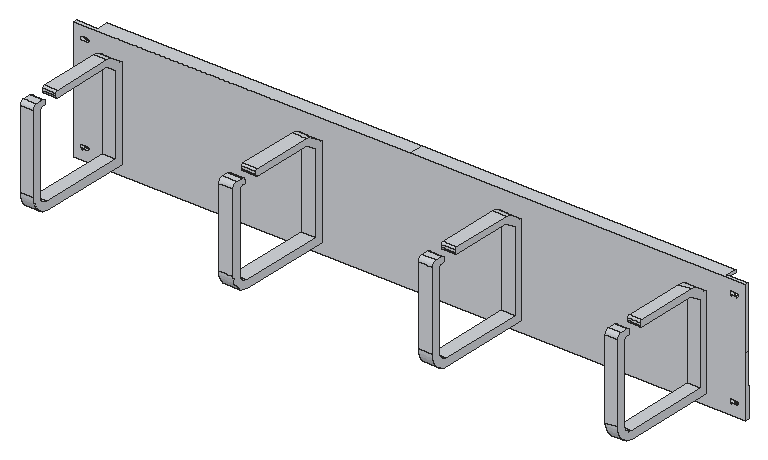
Revit family
Parameters
  Material ID = "760038257\r\n"
  Description = "HCM-19-SS-2U-EMEA\r\nHCM-19-SS-2U-EMEA\r\n"
Reference planes (in)
  plane 1 "Center (Front/Back)": y = 0
  plane 2: z = 0
  plane 3 "Center (Left/Right)": x = 0
Forms (in)
  Extrusion 1, solid
    sketch origin (0, 0, 0) x (1, 0, 0) y (0, 0, 1)
      loop
        line (0, 1.72) -> (-9.5, 1.72) -> (-9.5, 0) -> (-9.5, -1.72) -> (0, -1.72) -> (9.5, -1.72) -> (9.5, 0) -> (9.5, 1.72) -> (0, 1.72)
    from 0 to 0.41
  Extrusion 2, void
    sketch origin (0, 0, 0) x (0, 1, 0) y (0, 0, 1)
      loop
        line (0, 1.64104) -> (-0.32884, 1.64104) -> (-0.32884, -1.65414) -> (0, -1.65414) -> (0, 1.64104)
    from -9.5 to 9.5
  Extrusion 3, void
    sketch origin (0, 0, 1.72) x (0, 1, 0) y (1, 0, 0)
      loop
        line (0, 9.5) -> (-0.32387, 9.5) -> (-0.32387, 8.9) -> (0, 8.9) -> (0, 9.5)
      loop
        line (0, -9.5) -> (0, -8.9) -> (-0.32972, -8.9) -> (-0.32972, -9.5) -> (0, -9.5)
    from 0 to 3.44
  Extrusion 4, void
    sketch origin (0, 0, 0) x (1, 0, 0) y (0, 0, 1)
      loop
        arc (9.12756, 1.43582) -> (9.06373, 1.37199) -> (9.12756, 1.30816) r 0.06383
        line (9.12756, 1.30816) -> (9.24428, 1.30816)
        arc (9.24428, 1.30816) -> (9.30811, 1.37199) -> (9.24428, 1.43582) r 0.06383
        line (9.24428, 1.43582) -> (9.12756, 1.43582)
      loop
        line (9.12756, -1.43582) -> (9.24428, -1.43582)
        arc (9.24428, -1.43582) -> (9.30811, -1.37199) -> (9.24428, -1.30816) r 0.06383
        line (9.24428, -1.30816) -> (9.12756, -1.30816)
        arc (9.12756, -1.30816) -> (9.06373, -1.37199) -> (9.12756, -1.43582) r 0.06383
      loop
        line (-9.12756, 1.43582) -> (-9.24428, 1.43582)
        arc (-9.24428, 1.43582) -> (-9.30811, 1.37199) -> (-9.24428, 1.30816) r 0.06383
        line (-9.24428, 1.30816) -> (-9.12756, 1.30816)
        arc (-9.12756, 1.30816) -> (-9.06373, 1.37199) -> (-9.12756, 1.43582) r 0.06383
      loop
        arc (-9.12756, -1.43582) -> (-9.06373, -1.37199) -> (-9.12756, -1.30816) r 0.06383
        line (-9.12756, -1.30816) -> (-9.24428, -1.30816)
        arc (-9.24428, -1.30816) -> (-9.30811, -1.37199) -> (-9.24428, -1.43582) r 0.06383
        line (-9.24428, -1.43582) -> (-9.12756, -1.43582)
    from 0 to 12
  Extrusion 5, solid
    sketch origin (0, 0, 0) x (0, 1, 0) y (0, 0, 1)
      loop
        line (-0.41, -1.43582) -> (-0.41, 1.15916) -> (-0.70582, 1.36629)
        arc (-0.70582, 1.36629) -> (-0.80821, 1.41678) -> (-0.92104, 1.43415) r 0.37522
        line (-0.92104, 1.43415) -> (-2.66896, 1.43415)
        arc (-2.66896, 1.43415) -> (-2.70571, 1.41893) -> (-2.72093, 1.38219) r 0.05196
        line (-2.72093, 1.38219) -> (-2.72093, 1.30862)
        arc (-2.72093, 1.30862) -> (-2.70702, 1.27506) -> (-2.67347, 1.26116) r 0.04746
        line (-2.67347, 1.26116) -> (-0.93413, 1.26116) -> (-0.59889, 1.02642) -> (-0.59889, -1.21298) -> (-3.03571, -1.21298)
        arc (-3.03571, -1.21298) -> (-3.22941, -1.13275) -> (-3.30964, -0.93905) r 0.27393
        line (-3.30964, -0.93905) -> (-3.30964, 1.17)
        arc (-3.30964, 1.17) -> (-3.28294, 1.23446) -> (-3.21848, 1.26116) r 0.09116
        line (-3.21848, 1.26116) -> (-3.12914, 1.26116) -> (-3.12914, 1.3522)
        arc (-3.12914, 1.3522) -> (-3.15032, 1.40332) -> (-3.20144, 1.4245) r 0.07229
        line (-3.20144, 1.4245) -> (-3.40208, 1.4245)
        arc (-3.40208, 1.4245) -> (-3.49253, 1.38703) -> (-3.53, 1.29658) r 0.12792
        line (-3.53, 1.29658) -> (-3.53, -0.91653)
        arc (-3.53, -0.91653) -> (-3.3779, -1.28373) -> (-3.01071, -1.43582) r 0.51929
        line (-3.01071, -1.43582) -> (-0.41, -1.43582)
    from -8.52768 to 8.3722
  Extrusion 6, void
    sketch origin (0, 0, 0) x (1, 0, 0) y (0, 0, 1)
      loop
        line (8.01826, 2.40697) -> (3.14117, 2.40697) -> (3.14117, -2.21599) -> (8.01826, -2.21599) -> (8.01826, 2.40697)
      loop
        line (-8.15883, 2.40697) -> (-8.15883, -2.21599) -> (-2.90883, -2.21599) -> (-2.90883, 2.40697) -> (-8.15883, 2.40697)
      loop
        line (-2.50883, 2.40697) -> (-2.50883, -2.21599) -> (2.74117, -2.21599) -> (2.74117, 2.40697) -> (-2.50883, 2.40697)
    from 0.41 to 12
Cuts and joins
  Extrusion 2, Extrusion 3, Extrusion 4, Extrusion 6 cuts Extrusion 1
  Extrusion 6 cuts Extrusion 5
